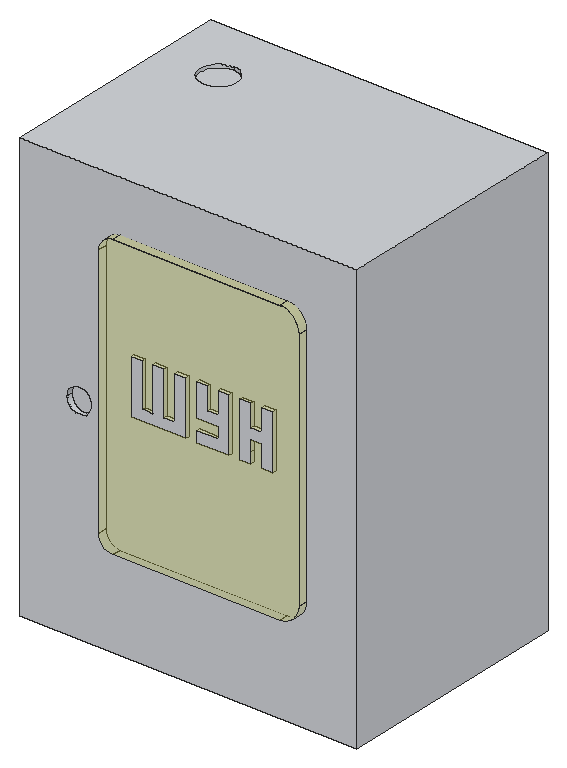
Revit family "ШУН_ШУН-С300_18.03.25", category Оборудование, Revit 2020
Family settings
  Размер круглого соединителя = Использовать диаметр
  Классификация = Нет
  Тип детали = Нормальный
  На основе рабочей плоскости = Нет
  Всегда вертикально = Да
  При загрузке вырезать с полостями = Нет
  Общий = Нет
  Точка расчета площади = Нет
Parameters (values of type "ШУН_ШУН-С300_0,37-11кВт")
  расст замок верт = 198 mm
  Ширина [instance] = 310 mm
  Типоразмер шкафа = "Ш1"
  Расст замок = 55 mm
  Расст ПУШ от верхней стенки = 48 mm
  Расст ввод от задней стенки = 60 mm
  Расст ввод от левой стенки = 55 mm
  Расст ПУШ от левой стенки = 80 mm
  Отметка по умолчанию = 0 mm
  Описание = "ШУН предназначен для управления одно/трехфазным электродвигателем насоса систем водяного, пенного пожаротушения и противопожарного водопровода в режиме «Местный пуск» с лицевой панели ШУН или по сигналам любого модуля управления в режиме «Автоматический пуск» с отображением состояния насоса при помощи световой индикации и с передачей сигналов состояния на модуль управления."
  Назв гориз ПУШ = 210 mm
  Комментарии к типоразмеру = "Ш1/DEK"
  Изготовитель = "ООО \"Плазма-Т\""
  Группа модели = "ШУН"
  Глубина [instance] = 220 mm
  Высота [instance] = 395 mm
  URL = "https://plazma-t.ru/"
  A = 55 mm
Types (6, lengths in mm): name | расст замок верт | Ширина | Типоразмер шкафа | Расст ПУШ от верхней стенки | Расст ввод от левой стенки | Расст ПУШ от левой стенки | Комментарии к типоразмеру | Глубина | Высота | A
  ШУН_ШУН-С300_0,37-11кВт | 198 | 310 | "Ш1" | 48 | 55 | 80 | "Ш1/DEK" | 220 | 395 | 55
  ШУН_ШУН-С300_15-30кВт | 250 | 400 | "Ш2" | 80 | 320 | 160 | "Ш2/IP54/DEK" | 220 | 500 | 100
  ШУН_ШУН-С300_45кВт | 400 | 650 | "Ш4" | 110 | 245 | 335 | "Ш4/DEK" | 250 | 800 | 225
  ШУН_ШУН-С300_55кВт | 500 | 650 | "Ш5" | 200 | 235 | 335 | "Ш5/DEK" | 285 | 1000 | 225
  ШУН_ШУН-С300_75-110кВт | 600 | 750 | "Ш6" | 200 | 235 | 430 | "Ш6/DEK" | 300 | 1200 | 275
  ШУН_ШУН-С300_37кВт | 325 | 500 | "Ш3" | 110 | 300 | 240 | "Ш3/DEK" | 220 | 650 | 150
Reference planes
  plane 1 "По центру (Вперед/Назад)": y = 0
  plane 2: z = 0
  plane 3 "По центру (Влево/Вправо)": x = 0
  plane 4: y = -9
  plane 5 "Текст": y = -9
Forms (mm)
  Extrusion 1, solid
    sketch origin (0, 0, 0) x (1, 0, 0) y (0, 1, 0)
      loop
        line (0, 0) -> (310, 0) -> (310, 220) -> (0, 220) -> (0, 0)
    from 0 to 395
  Extrusion 2, solid, material "Источник света по умолчанию"
    sketch origin (-180, 0, 0) x (1, 0, 0) y (0, 0, 1)
      loop
        arc (273, 347) -> (263.808, 343.192) -> (260, 334) r 13
        line (260, 334) -> (260, 100)
        arc (260, 100) -> (263.808, 90.808) -> (273, 87) r 13
        line (273, 87) -> (426.542, 87)
        arc (426.542, 87) -> (439.27, 92.272) -> (444.542, 105) r 18
        line (444.542, 105) -> (444.542, 329)
        arc (444.542, 329) -> (439.27, 341.728) -> (426.542, 347) r 18
        line (426.542, 347) -> (273, 347)
    from 0 to 9
  Extrusion 3, void
    sketch origin (0, 0, 0) x (1, 0, 0) y (0, 0, 1)
      loop
        circle (55, 197) r 11.5
    from 10 to -5.347
  Extrusion 4, void
    sketch origin (0, 0, 395) x (0, 1, 0) y (1, 0, 0)
      loop
        circle (160, 55) r 17
    from 0 to 3
  Extrusion 5, solid
    sketch origin (-348.835, -9, 569.743) x (0, 0, -1) y (-1, 0, 0)
      loop
        line (312.743, -458.835) -> (312.743, -468.835) -> (352.743, -468.835) -> (352.743, -478.835) -> (312.743, -478.835) -> (312.743, -488.835) -> (352.743, -488.835) -> (352.743, -498.835) -> (312.743, -498.835) -> (312.743, -508.835) -> (362.743, -508.835) -> (362.743, -458.835) -> (312.743, -458.835)
      loop
        line (312.743, -518.835) -> (312.743, -528.835) -> (332.743, -528.835) -> (332.743, -538.835) -> (312.743, -538.835) -> (312.743, -548.835) -> (362.743, -548.835) -> (362.743, -518.835) -> (352.743, -518.835) -> (352.743, -538.835) -> (342.743, -538.835) -> (342.743, -518.835) -> (312.743, -518.835)
      loop
        line (312.743, -558.835) -> (312.743, -568.835) -> (332.743, -568.835) -> (332.743, -578.835) -> (312.743, -578.835) -> (312.743, -588.835) -> (362.743, -588.835) -> (362.743, -578.835) -> (342.743, -578.835) -> (342.743, -568.835) -> (352.743, -568.835) -> (362.743, -568.835) -> (362.743, -558.835) -> (312.743, -558.835)
    from 0 to 3
  Extrusion 6, void
    sketch origin (0, 0, 0) x (1, 0, 0) y (0, 1, 0)
      loop
        circle (55, 160) r 17
      loop
        circle (105, 160) r 17
      loop
        circle (155, 160) r 17
      loop
        circle (205, 160) r 17
      loop
        circle (255, 160) r 17
      loop
        circle (55, 110) r 17
      loop
        circle (105, 110) r 17
      loop
        circle (155, 110) r 17
      loop
        circle (205, 110) r 17
      loop
        circle (255, 110) r 17
    from 0 to 3
Cuts and joins
  Extrusion 3, Extrusion 4, Extrusion 6 cuts Extrusion 1
Dimensions and locks
  "Ширина": Extrusion 1 to Extrusion 1
  "Глубина": Extrusion 1 to Extrusion 1
  "Высота": Extrusion 1 to Extrusion 1
  "Расст ПУШ от верхней стенки": Extrusion 1 to Extrusion 2 sketch curve
  "расст замок верт": Extrusion 1 to Extrusion 3 sketch curve
  "Расст замок": Extrusion 1 to Extrusion 3 sketch curve
  "Расст ввод от левой стенки": Extrusion 4 sketch curve to cut or joined group of Extrusion 1, Extrusion 3, Extrusion 4, Extrusion 6
  "Расст ввод от задней стенки": cut or joined group of Extrusion 1, Extrusion 3, Extrusion 4, Extrusion 6 to Extrusion 4 sketch curve
  locked: Extrusion 2 sketch curve to Extrusion 2 sketch curve at 184.542
  locked: Extrusion 2 sketch curve to Extrusion 2 sketch curve at 260
  "Расст ПУШ от левой стенки": cut or joined group of Extrusion 1, Extrusion 3, Extrusion 4, Extrusion 6 to Extrusion 2 sketch curve
  cut or joined group of Extrusion 1, Extrusion 3, Extrusion 4, Extrusion 6 to cut or joined group of Extrusion 1, Extrusion 3, Extrusion 4, Extrusion 6 = 310 mm
  locked: Extrusion 5 to Extrusion 5 at 50  (x4)
  locked: Extrusion 5 to Extrusion 5 at 90
  locked: Extrusion 2 to Extrusion 5 at 30
  locked: Extrusion 5 to Extrusion 5 at 130
  locked: Extrusion 5 to Extrusion 5 at 30
  locked: Extrusion 5 to Extrusion 5 at 100
  locked: Extrusion 5 to Extrusion 2 at 170
  cut or joined group of Extrusion 1, Extrusion 3, Extrusion 4, Extrusion 6 to Extrusion 6 sketch curve = 60 mm  (x5)
  cut or joined group of Extrusion 1, Extrusion 3, Extrusion 4, Extrusion 6 to Extrusion 6 sketch curve = 110 mm  (x5)
  equal spacing: Extrusion 6 sketch curve, Extrusion 6 sketch curve, Extrusion 6 sketch curve, Extrusion 6 sketch curve, Extrusion 6 sketch curve  (x2)
  "A": cut or joined group of Extrusion 1, Extrusion 3, Extrusion 4, Extrusion 6 to Extrusion 6 sketch curve  (x2)
  diameter of Extrusion 4 sketch curve = 34 mm
  aligned and locked: level to plane 2
  aligned and locked: Extrusion 1 to level
  aligned and locked: Extrusion 1 to plane 3 "По центру (Влево/Вправо)"
  aligned and locked: plane 1 "По центру (Вперед/Назад)" to Extrusion 1
  aligned and locked: plane 5 "Текст" to Extrusion 2
Automatic sketch dimensions
  plane 3 "По центру (Влево/Вправо)" to Extrusion 1 sketch curve = 0 mm
  plane 1 "По центру (Вперед/Назад)" to Extrusion 1 sketch curve = 0 mm
  plane 3 "По центру (Влево/Вправо)" to Extrusion 1 sketch curve = 310 mm
  Extrusion 1 sketch curve to plane 1 "По центру (Вперед/Назад)" = 220 mm
  level to Extrusion 5 sketch curve = 257 mm
  Extrusion 5 sketch curve to Extrusion 5 sketch curve = 0 mm  (x10)
  Extrusion 5 sketch curve to Extrusion 5 sketch curve = 20 mm  (x3)
  Extrusion 5 sketch curve to Extrusion 5 sketch curve = 10 mm  (x22)
  plane 3 "По центру (Влево/Вправо)" to Extrusion 5 sketch curve = 240 mm
  Extrusion 2 sketch curve to Extrusion 2 sketch curve = 13 mm  (x2)
  Extrusion 2 sketch curve to Extrusion 2 sketch curve = 18 mm  (x2)
  Extrusion 6 sketch curve to Extrusion 6 sketch curve = 50 mm  (x2)
  radius of Extrusion 3 sketch curve = 11.5 mm
  radius of Extrusion 6 sketch curve = 17 mm  (x10)
Connectors
  electrical at (55, 160, 392)
    settings: on cut or joined group of Extrusion 1, Extrusion 3, Extrusion 4, Extrusion 6, index 1, voltage 0 V, apparent load 0 VA, apparent load phase1 0 VA, apparent load phase2 0 VA, apparent load phase3 0 VA, power factor 1, load classification "Прочее", number of poles 1, system type 30, power factor state 1, is connector primary yes, connector utility no, sub classification motor no, connector description "380В или 220В"
  electrical at (55, 110, 3)
    settings: on cut or joined group of Extrusion 1, Extrusion 3, Extrusion 4, Extrusion 6, index 2, voltage 0 V, apparent load 0 VA, apparent load phase1 0 VA, apparent load phase2 0 VA, apparent load phase3 0 VA, power factor 1, load classification "Прочее", number of poles 1, system type 11, power factor state 1, is connector primary no, connector utility no, sub classification motor no, connector description "Сухой контакт"
  electrical at (105, 110, 3)
    settings: on cut or joined group of Extrusion 1, Extrusion 3, Extrusion 4, Extrusion 6, index 3, voltage 0 V, apparent load 0 VA, apparent load phase1 0 VA, apparent load phase2 0 VA, apparent load phase3 0 VA, power factor 1, load classification "Прочее", number of poles 1, system type 11, power factor state 1, is connector primary no, connector utility no, sub classification motor no, connector description "Сухой контакт"
  electrical at (155, 110, 3)
    settings: on cut or joined group of Extrusion 1, Extrusion 3, Extrusion 4, Extrusion 6, index 4, voltage 0 V, apparent load 0 VA, apparent load phase1 0 VA, apparent load phase2 0 VA, apparent load phase3 0 VA, power factor 1, load classification "Прочее", number of poles 1, system type 11, power factor state 1, is connector primary no, connector utility no, sub classification motor no, connector description "Сухой контакт"
  electrical at (205, 110, 3)
    settings: on cut or joined group of Extrusion 1, Extrusion 3, Extrusion 4, Extrusion 6, index 5, voltage 0 V, apparent load 0 VA, apparent load phase1 0 VA, apparent load phase2 0 VA, apparent load phase3 0 VA, power factor 1, load classification "Прочее", number of poles 1, system type 30, power factor state 1, is connector primary no, connector utility no, sub classification motor no, connector description "380В или 220В"
  electrical at (255, 110, 3)
    settings: on cut or joined group of Extrusion 1, Extrusion 3, Extrusion 4, Extrusion 6, index 6, voltage 0 V, apparent load 0 VA, apparent load phase1 0 VA, apparent load phase2 0 VA, apparent load phase3 0 VA, power factor 1, load classification "Прочее", number of poles 1, system type 13, power factor state 1, is connector primary no, connector utility no, sub classification motor no, connector description "Шлейф"
  electrical at (55, 160, 3)
    settings: on cut or joined group of Extrusion 1, Extrusion 3, Extrusion 4, Extrusion 6, index 7, voltage 0 V, apparent load 0 VA, apparent load phase1 0 VA, apparent load phase2 0 VA, apparent load phase3 0 VA, power factor 1, load classification "Прочее", number of poles 1, system type 13, power factor state 1, is connector primary no, connector utility no, sub classification motor no, connector description "Шлейф"
  electrical at (105, 160, 3)
    settings: on cut or joined group of Extrusion 1, Extrusion 3, Extrusion 4, Extrusion 6, index 8, voltage 0 V, apparent load 0 VA, apparent load phase1 0 VA, apparent load phase2 0 VA, apparent load phase3 0 VA, power factor 1, load classification "Прочее", number of poles 1, system type 13, power factor state 1, is connector primary no, connector utility no, sub classification motor no, connector description "Шлейф"
  electrical at (155, 160, 3)
    settings: on cut or joined group of Extrusion 1, Extrusion 3, Extrusion 4, Extrusion 6, index 9, voltage 0 V, apparent load 0 VA, apparent load phase1 0 VA, apparent load phase2 0 VA, apparent load phase3 0 VA, power factor 1, load classification "Прочее", number of poles 1, system type 13, power factor state 1, is connector primary no, connector utility no, sub classification motor no, connector description "Шлейф"
  electrical at (205, 160, 3)
    settings: on cut or joined group of Extrusion 1, Extrusion 3, Extrusion 4, Extrusion 6, index 10, voltage 0 V, apparent load 0 VA, apparent load phase1 0 VA, apparent load phase2 0 VA, apparent load phase3 0 VA, power factor 1, load classification "Прочее", number of poles 1, system type 13, power factor state 1, is connector primary no, connector utility no, sub classification motor no, connector description "Шлейф"
  electrical at (255, 160, 3)
    settings: on cut or joined group of Extrusion 1, Extrusion 3, Extrusion 4, Extrusion 6, index 11, voltage 0 V, apparent load 0 VA, apparent load phase1 0 VA, apparent load phase2 0 VA, apparent load phase3 0 VA, power factor 1, load classification "Прочее", number of poles 1, system type 13, power factor state 1, is connector primary no, connector utility no, sub classification motor no, connector description "Шлейф"
